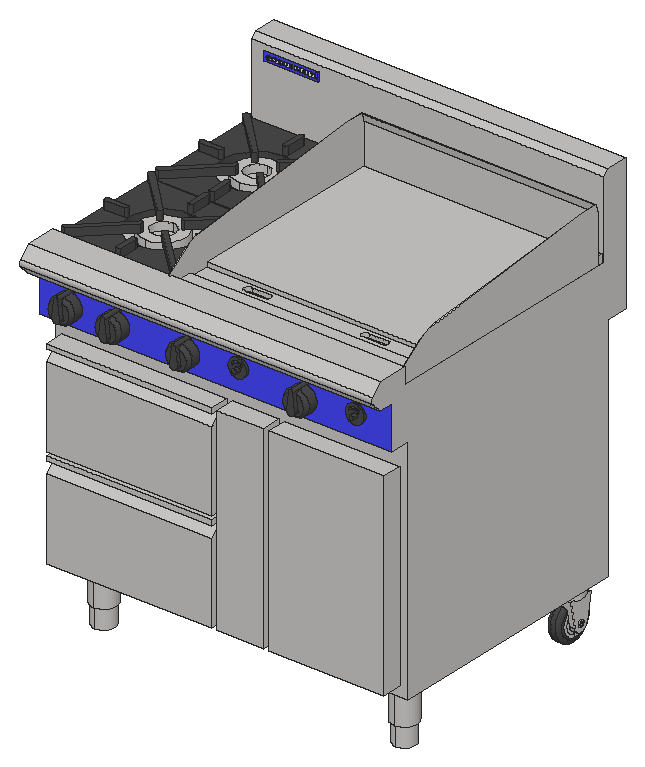
Revit family "QF_MOFFAT_BLUESEAL_CE_G516B-RB", category Specialty Equipment, Revit 2012
Parameters
  Weight in Pounds = 396  # constant formula
  Width [instance] = 900.00 mm  # constant formula
  Watts = 250 W
  Volts = 230 V
  URL Cutsheet = "www.moffat.com"
  URL = "www.moffat.com"
  Type Mark [instance] = ""
  Status [instance] = ""
  Specification by User [instance] = ""
  Specification by Manufacturer = ""
  Show Logo [instance] = yes
  Show Door [instance] = no
  Show Clearance [instance] = yes
  Show Casters [instance] = yes
  Serial Number = ""
  Seismic Rating = ""
  SMACNA No = ""
  Revision Code [instance] = ""
  Refrigerant Type = "R134a"
  Phase = 1
  Omniclass Number and Title = ""
  Number of Poles = 1
  NAFEM Spec ID Number = ""
  Model = "G516B-RB"
  Min Ckt Ampacity = 0 A
  Mechanical Remarks = ""
  Mechanical Connection Type = ""
  Max Overcurrent Protection = 0 A
  Masterspec = ""
  Manufacturer = "MOFFAT BLUESEAL"
  Legs [instance] = not(Show Casters)  # no
  Item Number [instance] = ""
  Installed By [instance] = ""
  Identify Quantity as Lot [instance] = yes
  HP = ""
  Gas Size = 3/4"
  Gas RI Height = 0.00 mm
  Gas KW = 26.6
  Gas Input = 90990.0 Btu/h
  Gas Connection Height = 0.00 mm
  Furnished By [instance] = ""
  Foodservice Equipment Identifier [instance] = yes
  FL Amps = 1.8 A
  Elec Conn RI Height = 0.00 mm
  Elec Conn Connection Height = 0.00 mm
  Drawer Clearance [instance] = and(Show Clearance, and(Drawer))  # yes
  Drawer [instance] = not(Show Door)  # yes
  Door Clearance [instance] = and(Show Clearance, and(Show Door))  # no
  Description = "900MM GAS COOK TOP ON REFRIGERATED BASE"
  Depth [instance] = 812.00 mm  # constant formula
  Cycle = 50 Hz
  Conn Plug = ""
  Conn Conduit = yes
  CSI MasterFormat = ""
  CSI Master Format = ""
  Back Splash [instance] = 215.00 mm  # constant formula
  Apparent Power = if(Phase = 3, Volts * FL Amps * 1.73, Volts * FL Amps)  # 414 VA
Reference planes
  plane 1 "BACK": y = 0
  plane 2: z = 0
  plane 3 "LEFT": x = 0
  plane 4 "RIGHT": x = 900
  plane 5 "FRONT": y = -812
  plane 6 "TOP": z = 970
  plane 7 "Center Y": x = 450
  plane 8 "Center X": y = -406
  plane 9 "Base Height": z = 150
  plane 10: z = 915
  plane 11: x = 65
  plane 12: x = 834
  plane 13: y = -625
  plane 14: x = 770
  plane 15: z = 655
  plane 16: y = -32
  plane 17: x = 617
  plane 18: z = 402
  plane 19: z = 1085
  plane 20: y = -100
Forms (mm)
  Extrusion 1, solid, material "QF_Finishes_Stainless Steel"
    sketch origin (0, 0, 0) x (0, 1, 0) y (0, 0, 1)
      loop
        line (-697, 150) -> (-57, 150) -> (-57, 740) -> (0, 740) -> (0, 1085) -> (-57.5, 1085) -> (-70, 1072.5) -> (-70, 875) -> (-705, 875) -> (-705, 915) -> (-783.97, 915) -> (-808.485, 890.485)
        arc (-808.485, 890.485) -> (-811.999, 882) -> (-808.485, 873.515) r 12
        line (-808.485, 873.515) -> (-784.97, 850) -> (-749, 850) -> (-749, 740) -> (-697, 740) -> (-697, 150)
    from 0 to 900
  Revolve 2, solid, material "QF_Finishes_Stainless Steel", visible <- "Legs"
    sketch origin (834, -210, 0) x (0, 1, 0) y (0, 0, -1)
      loop
        line (78.25, -150) -> (110, -150) -> (110, 0) -> (82.5, 0) -> (82.5, -50) -> (78.25, -50) -> (78.25, -150)
      axis (110, -150) -> (110, 0)
    angle from 0 to 360
  Revolve 3, solid, material "QF_Finishes_Stainless Steel"
    sketch origin (834, -735, 0) x (0, 1, 0) y (0, 0, -1)
      loop
        line (78.25, -150) -> (110, -150) -> (110, 0) -> (82.5, 0) -> (82.5, -50) -> (78.25, -50) -> (78.25, -150)
      axis (110, -150) -> (110, 0)
    angle from 0 to 360
  Revolve 4, solid, material "QF_Finishes_Stainless Steel", visible <- "Legs"
    sketch origin (65, -210, 0) x (0, 1, 0) y (0, 0, -1)
      loop
        line (78.25, -150) -> (110, -150) -> (110, 0) -> (82.5, 0) -> (82.5, -50) -> (78.25, -50) -> (78.25, -150)
      axis (110, -150) -> (110, 0)
    angle from 0 to 360
  Revolve 5, solid, material "QF_Finishes_Stainless Steel"
    sketch origin (65, -735, 0) x (0, 1, 0) y (0, 0, -1)
      loop
        line (78.25, -150) -> (110, -150) -> (110, 0) -> (82.5, 0) -> (82.5, -50) -> (78.25, -50) -> (78.25, -150)
      axis (110, -150) -> (110, 0)
    angle from 0 to 360
  Revolve 6, solid, material "QF_Finishes_Black"
    sketch origin (89.687, 0, 599.987) x (0, 1, 0) y (0, 0, -1)
      loop
        line (-789, -229.5) -> (-766, -229.5) -> (-766, -202) -> (-756, -202) -> (-756, -197) -> (-800, -197) -> (-800, -223.651) -> (-789, -229.5)
      axis (-800, -197) -> (-756, -197)
    angle from 0 to 360
  Extrusion 7, solid, material "QF_Finishes_Black"
    sketch origin (227.957, 0, 600.145) x (-1, 0, 0) y (0, 0, -1)
      loop
        line (127.85, -186.037) -> (133.271, -228.955)
        arc (133.271, -228.955) -> (138.27, -233.842) -> (143.268, -228.955) r 5
        line (143.268, -228.955) -> (148.757, -184.87)
        arc (148.757, -184.87) -> (137.685, -174.371) -> (127.85, -186.037) r 10.487
    from 759 to 808
  Extrusion 8, solid, material "QF_Finishes_Stainless Steel"
    sketch origin (0, -699, 685) x (1, 0, 0) y (0, -1, 0)
      loop
        circle (770, -667) r 13.5
    from -55 to 30
  Extrusion 9, solid, material "QF_Finishes_Stainless Steel"
    sketch origin (0, -57, 685) x (0, 0, 1) y (1, 0, 0)
      loop
        circle (-265, 620) r 13.5
    from 0 to 3.18
  Revolve 10, solid, material "QF_Finishes_Stainless Steel", visible <- "Show Casters"
    sketch origin (485.423, -100.755, -12.798) x (1, 0, 0) y (0, 0, 1)
      loop
        line (314.841, 63.604) -> (383.584, 63.604) -> (383.584, 67.109) -> (382.314, 68.379) -> (380.79, 68.379) -> (380.79, 71.826) -> (368.644, 71.826) -> (368.644, 81.79) -> (365.088, 83.843) -> (363.738, 92.179) -> (365.881, 92.179) -> (365.881, 98.529) -> (365.088, 98.529) -> (365.088, 104.879)
        arc (365.088, 104.879) -> (362.298, 111.614) -> (355.563, 114.404) r 9.525
        line (355.563, 114.404) -> (342.863, 114.404)
        arc (342.863, 114.404) -> (336.127, 111.614) -> (333.338, 104.879) r 9.525
        line (333.338, 104.879) -> (333.338, 98.529) -> (332.544, 98.529) -> (332.544, 92.179) -> (334.687, 92.179) -> (333.352, 83.932) -> (329.782, 81.871) -> (329.782, 71.826) -> (317.635, 71.826) -> (317.635, 68.379) -> (316.111, 68.379) -> (314.841, 67.109) -> (314.841, 63.604)
      axis (314.841, 63.604) -> (383.584, 63.604)
    angle from 0 to 360
  Extrusion 11, solid, material "QF_Finishes_Stainless Steel", visible <- "Show Casters"
    sketch origin (841.147, 132.353, -9.137) x (0, 1, 0) y (0, 0, 1)
      loop
        line (-200.603, 118.783) -> (-264.103, 118.783) -> (-251.746, 53.895)
        arc (-251.746, 53.895) -> (-232.353, 38.783) -> (-212.959, 53.895) r 20
        line (-212.959, 53.895) -> (-200.603, 118.783)
    from -35.667 to 22.923
  Revolve 12, solid, material "QF_Finishes_Stainless Steel", visible <- "Show Casters"
    sketch origin (834.646, -204, -0.354) x (0, 1, 0) y (0, 0, 1)
      loop
        line (68.25, 150) -> (68.25, 110) -> (104, 110) -> (104, 150) -> (68.25, 150)
      axis (104, 150) -> (104, 110)
    angle from 0 to 360
  Revolve 13, solid, material "QF_Finishes_Stainless Steel", visible <- "Show Casters"
    sketch origin (-283.577, -100.755, -12.798) x (1, 0, 0) y (0, 0, 1)
      loop
        line (314.841, 63.604) -> (383.584, 63.604) -> (383.584, 67.109) -> (382.314, 68.379) -> (380.79, 68.379) -> (380.79, 71.826) -> (368.644, 71.826) -> (368.644, 81.79) -> (365.088, 83.843) -> (363.738, 92.179) -> (365.881, 92.179) -> (365.881, 98.529) -> (365.088, 98.529) -> (365.088, 104.879)
        arc (365.088, 104.879) -> (362.298, 111.614) -> (355.563, 114.404) r 9.525
        line (355.563, 114.404) -> (342.863, 114.404)
        arc (342.863, 114.404) -> (336.127, 111.614) -> (333.338, 104.879) r 9.525
        line (333.338, 104.879) -> (333.338, 98.529) -> (332.544, 98.529) -> (332.544, 92.179) -> (334.687, 92.179) -> (333.352, 83.932) -> (329.782, 81.871) -> (329.782, 71.826) -> (317.635, 71.826) -> (317.635, 68.379) -> (316.111, 68.379) -> (314.841, 67.109) -> (314.841, 63.604)
      axis (314.841, 63.604) -> (383.584, 63.604)
    angle from 0 to 360
  Extrusion 14, solid, material "QF_Finishes_Stainless Steel", visible <- "Show Casters"
    sketch origin (72.147, 132.353, -9.137) x (0, 1, 0) y (0, 0, 1)
      loop
        line (-200.603, 118.783) -> (-264.103, 118.783) -> (-251.746, 53.895)
        arc (-251.746, 53.895) -> (-232.353, 38.783) -> (-212.959, 53.895) r 20
        line (-212.959, 53.895) -> (-200.603, 118.783)
    from -35.667 to 22.923
  Revolve 15, solid, material "QF_Finishes_Stainless Steel", visible <- "Show Casters"
    sketch origin (65.646, -204, -0.354) x (0, 1, 0) y (0, 0, 1)
      loop
        line (68.25, 150) -> (68.25, 110) -> (104, 110) -> (104, 150) -> (68.25, 150)
      axis (104, 150) -> (104, 110)
    angle from 0 to 360
  Revolve 16, solid, material "QF_Finishes_Black"
    sketch origin (210, 0, 600) x (0, 1, 0) y (0, 0, -1)
      loop
        line (-789, -229.5) -> (-766, -229.5) -> (-766, -202) -> (-756, -202) -> (-756, -197) -> (-800, -197) -> (-800, -223.651) -> (-789, -229.5)
      axis (-800, -197) -> (-756, -197)
    angle from 0 to 360
  Extrusion 17, solid, material "QF_Finishes_Black"
    sketch origin (348.27, 0, 600.158) x (-1, 0, 0) y (0, 0, -1)
      loop
        line (127.85, -186.037) -> (133.271, -228.955)
        arc (133.271, -228.955) -> (138.27, -233.842) -> (143.268, -228.955) r 5
        line (143.268, -228.955) -> (148.757, -184.87)
        arc (148.757, -184.87) -> (137.685, -174.371) -> (127.85, -186.037) r 10.487
    from 759 to 808
  Revolve 18, solid, material "QF_Finishes_Black"
    sketch origin (389.769, 0, 600) x (0, 1, 0) y (0, 0, -1)
      loop
        line (-789, -229.5) -> (-766, -229.5) -> (-766, -202) -> (-756, -202) -> (-756, -197) -> (-800, -197) -> (-800, -223.651) -> (-789, -229.5)
      axis (-800, -197) -> (-756, -197)
    angle from 0 to 360
  Extrusion 19, solid, material "QF_Finishes_Black"
    sketch origin (528.038, 0, 600.158) x (-1, 0, 0) y (0, 0, -1)
      loop
        line (127.85, -186.037) -> (133.271, -228.955)
        arc (133.271, -228.955) -> (138.27, -233.842) -> (143.268, -228.955) r 5
        line (143.268, -228.955) -> (148.757, -184.87)
        arc (148.757, -184.87) -> (137.685, -174.371) -> (127.85, -186.037) r 10.487
    from 759 to 808
  Revolve 20, solid, material "QF_Finishes_Black"
    sketch origin (689.769, 0, 600) x (0, 1, 0) y (0, 0, -1)
      loop
        line (-789, -229.5) -> (-766, -229.5) -> (-766, -202) -> (-756, -202) -> (-756, -197) -> (-800, -197) -> (-800, -223.651) -> (-789, -229.5)
      axis (-800, -197) -> (-756, -197)
    angle from 0 to 360
  Extrusion 21, solid, material "QF_Finishes_Black"
    sketch origin (828.038, 0, 600.158) x (-1, 0, 0) y (0, 0, -1)
      loop
        line (127.85, -186.037) -> (133.271, -228.955)
        arc (133.271, -228.955) -> (138.27, -233.842) -> (143.268, -228.955) r 5
        line (143.268, -228.955) -> (148.757, -184.87)
        arc (148.757, -184.87) -> (137.685, -174.371) -> (127.85, -186.037) r 10.487
    from 759 to 808
  Extrusion 22, solid, material "QF_Finishes_Black"
    sketch origin (0, -749, 866) x (0, 0, -1) y (1, 0, 0)
      loop
        circle (69, 510) r 23.9
      loop
        arc (57.701, 524.079) -> (51.116, 509.341) -> (58.919, 495.209) r 18.095
        arc (58.919, 495.209) -> (63.641, 496.491) -> (62.326, 501.204) r 3.448
        arc (62.326, 501.204) -> (58.758, 509.683) -> (61.641, 518.419) r 13.109
        arc (61.641, 518.419) -> (62.501, 523.219) -> (57.701, 524.079) r 3.448
      loop
        circle (69, 810) r 23.9
      loop
        arc (57.701, 824.079) -> (51.116, 809.341) -> (58.919, 795.209) r 18.095
        arc (58.919, 795.209) -> (63.641, 796.491) -> (62.326, 801.204) r 3.448
        arc (62.326, 801.204) -> (58.758, 809.683) -> (61.641, 818.419) r 13.109
        arc (61.641, 818.419) -> (62.501, 823.219) -> (57.701, 824.079) r 3.448
    from 0 to 5
  Extrusion 23, solid, material "QF_Finishes_Black"
    sketch origin (0, -754, 866) x (0, 0, -1) y (1, 0, 0)
      loop
        circle (72.5, 510) r 5.75
      loop
        circle (72.5, 810) r 5.75
    from 0 to 10
  Extrusion 24, solid, material "QF_Finishes_Stainless Steel"
    sketch origin (0, 0, 0) x (0, 1, 0) y (0, 0, 1)
      loop
        line (-699, 678) -> (-747, 678) -> (-747, 665) -> (-715.13, 665) -> (-749, 636.579) -> (-749, 431) -> (-699, 431) -> (-699, 678)
      loop
        line (-749, 175) -> (-699, 175) -> (-699, 421) -> (-747, 421) -> (-747, 408) -> (-715.13, 408) -> (-749, 379.579) -> (-749, 175)
    from 17.986 to 440
  Extrusion 25, solid, material "QF_Finishes_Stainless Steel"
    sketch origin (723.5, 0, 0) x (0, 1, 0) y (0, 0, 1)
      loop
        line (-699, 678) -> (-749, 678) -> (-749, 175) -> (-699, 175) -> (-699, 678)
    from -270.5 to -150.5
  Extrusion 26, solid, material "QF_Door-Drawer Clearances", visible <- "Show Clearance", detail levels coarse
    sketch origin (0, -749, 676) x (0, 0, -1) y (1, 0, 0)
      loop
        line (501, 440) -> (255, 440) -> (255, 17.986) -> (501, 17.986) -> (501, 440)
      loop
        line (245, 440) -> (-2, 440) -> (-2, 17.986) -> (245, 17.986) -> (245, 440)
    from 0 to 304.8
  Extrusion 27, solid, material "QF_Finishes_Stainless Steel"
    sketch origin (1031.5, 0, 0) x (0, 1, 0) y (0, 0, 1)
      loop
        line (-699, 678) -> (-749, 678) -> (-749, 175) -> (-699, 175) -> (-699, 678)
    from -444.5 to -150.5
Lines and regions (mm)
  Split face 1
    outline origin (0, 612.322, 1085) x (0, -1, 0) y (1, 0, 0)
      loop
        arc (657.707, 566) -> (652.707, 574.66) -> (642.707, 574.66) r 10
        line (642.707, 574.66) -> (635.707, 570.619)
        arc (635.707, 570.619) -> (632.047, 566.959) -> (630.707, 561.959) r 10
        line (630.707, 561.959) -> (630.707, 334)
        arc (630.707, 334) -> (635.707, 325.34) -> (645.707, 325.34) r 10
        line (645.707, 325.34) -> (652.707, 329.381)
        arc (652.707, 329.381) -> (656.368, 333.041) -> (657.707, 338.041) r 10
        line (657.707, 338.041) -> (657.707, 566)
  Split face 2
    outline origin (0, 612.322, 1085) x (0, -1, 0) y (1, 0, 0)
      loop
        arc (630.707, 624) -> (635.707, 615.34) -> (645.707, 615.34) r 10
        line (645.707, 615.34) -> (652.707, 619.381)
        arc (652.707, 619.381) -> (656.368, 623.041) -> (657.707, 628.041) r 10
        line (657.707, 628.041) -> (657.707, 856)
        arc (657.707, 856) -> (652.707, 864.66) -> (642.707, 864.66) r 10
        line (642.707, 864.66) -> (635.707, 860.619)
        arc (635.707, 860.619) -> (632.047, 856.959) -> (630.707, 851.959) r 10
        line (630.707, 851.959) -> (630.707, 624)
  Split face 3
    outline origin (0, 612.322, 1085) x (0, -1, 0) y (1, 0, 0)
      loop
        arc (657.707, 276) -> (652.707, 284.66) -> (642.707, 284.66) r 10
        line (642.707, 284.66) -> (635.707, 280.619)
        arc (635.707, 280.619) -> (632.047, 276.959) -> (630.707, 271.959) r 10
        line (630.707, 271.959) -> (630.707, 44)
        arc (630.707, 44) -> (635.707, 35.34) -> (645.707, 35.34) r 10
        line (645.707, 35.34) -> (652.707, 39.381)
        arc (652.707, 39.381) -> (656.368, 43.041) -> (657.707, 48.041) r 10
        line (657.707, 48.041) -> (657.707, 276)
  Split face 4
    outline origin (1031.5, -749, 676) x (0, 0, -1) y (1, 0, 0)
      loop
        line (291.62, -416.534) -> (481.62, -416.534) -> (481.62, -181.534) -> (291.62, -181.534) -> (291.62, -416.534)
  Split face 5
    outline origin (1031.5, -749, 931) x (0, 0, -1) y (1, 0, 0)
      loop
        line (291.62, -416.534) -> (356.62, -416.534) -> (356.62, -181.534) -> (291.62, -181.534) -> (291.62, -416.534)
  Split face 6
    outline origin (1031.5, -749, 807.725) x (0, 0, -1) y (1, 0, 0)
      loop
        line (307.841, -274.649) -> (342.841, -274.649) -> (342.841, -219.649) -> (307.841, -219.649) -> (307.841, -274.649)
  Split face 7
    outline origin (939.097, -749, 808.536) x (0, 0, -1) y (1, 0, 0)
      loop
        line (307.841, -274.649) -> (342.841, -274.649) -> (342.841, -239.649) -> (307.841, -239.649) -> (307.841, -274.649)
  symbolic lines
    curve 1: line (0, 0, 0) -> (0, -812, 0)
    curve 2: line (900, 0, 0) -> (0, 0, 0)
    curve 3: line (900, -812, 0) -> (900, 0, 0)
    curve 4: line (0, -812, 0) -> (900, -812, 0)
    curve 13: line (0, -783.97, 0) -> (900, -783.97, 0)
    curve 14: line (0, -70, 0) -> (900, -70, 0)
    curve 15: line (334, -18.385, 0) -> (561.959, -18.385, 0)
    curve 16: arc (561.959, -18.385, 0) -> (566.959, -19.725, 0) -> (570.619, -23.385, 0) r 10
    curve 17: line (570.619, -23.385, 0) -> (574.66, -30.385, 0)
    curve 18: arc (574.66, -30.385, 0) -> (574.66, -40.385, 0) -> (566, -45.385, 0) r 10
    curve 19: line (566, -45.385, 0) -> (338.041, -45.385, 0)
    curve 20: arc (338.041, -45.385, 0) -> (333.041, -44.045, 0) -> (329.381, -40.385, 0) r 10
    curve 21: line (329.381, -40.385, 0) -> (325.34, -33.385, 0)
    curve 22: arc (325.34, -33.385, 0) -> (325.34, -23.385, 0) -> (334, -18.385, 0) r 10
    curve 23: line (44, -18.385, 0) -> (271.959, -18.385, 0)
    curve 24: arc (271.959, -18.385, 0) -> (276.959, -19.725, 0) -> (280.619, -23.385, 0) r 10
    curve 25: line (280.619, -23.385, 0) -> (284.66, -30.385, 0)
    curve 26: arc (284.66, -30.385, 0) -> (284.66, -40.385, 0) -> (276, -45.385, 0) r 10
    curve 27: line (276, -45.385, 0) -> (48.041, -45.385, 0)
    curve 28: arc (48.041, -45.385, 0) -> (43.041, -44.045, 0) -> (39.381, -40.385, 0) r 10
    curve 29: line (39.381, -40.385, 0) -> (35.34, -33.385, 0)
    curve 30: arc (35.34, -33.385, 0) -> (35.34, -23.385, 0) -> (44, -18.385, 0) r 10
    curve 31: line (624, -18.385, 0) -> (851.959, -18.385, 0)
    curve 32: arc (851.959, -18.385, 0) -> (856.959, -19.725, 0) -> (860.619, -23.385, 0) r 10
    curve 33: line (860.619, -23.385, 0) -> (864.66, -30.385, 0)
    curve 34: arc (864.66, -30.385, 0) -> (864.66, -40.385, 0) -> (856, -45.385, 0) r 10
    curve 35: line (856, -45.385, 0) -> (628.041, -45.385, 0)
    curve 36: arc (628.041, -45.385, 0) -> (623.041, -44.045, 0) -> (619.381, -40.385, 0) r 10
    curve 37: line (619.381, -40.385, 0) -> (615.34, -33.385, 0)
    curve 38: arc (615.34, -33.385, 0) -> (615.34, -23.385, 0) -> (624, -18.385, 0) r 10
    curve 39: line (0, -57.5, 0) -> (900, -57.5, 0)
  symbolic lines, style "SpecialityEquipmentHiddenLines", visible <- "Show Casters"
    curve 5: line (875.952, -62.61, 0) -> (825.152, -150.598, 0)
    curve 6: line (848.456, -46.735, 0) -> (875.952, -62.61, 0)
    curve 7: line (797.656, -134.723, 0) -> (848.456, -46.735, 0)
    curve 8: line (825.152, -150.598, 0) -> (797.656, -134.723, 0)
    curve 9: line (106.952, -62.61, 0) -> (56.152, -150.598, 0)
    curve 10: line (79.456, -46.735, 0) -> (106.952, -62.61, 0)
    curve 11: line (28.656, -134.723, 0) -> (79.456, -46.735, 0)
    curve 12: line (56.152, -150.598, 0) -> (28.656, -134.723, 0)
  symbolic lines, style "QF_Door-Drawer Clearances"
    curve 40: line (17.986, -1053.8, 0) -> (440, -1053.8, 0)
    curve 41: line (440, -1053.8, 0) -> (440, -812, 0)
    curve 42: line (17.986, -1053.8, 0) -> (17.986, -812, 0)
Dimensions and locks
  equal spacing: plane 3 "LEFT", plane 7 "Center Y", plane 4 "RIGHT"
  "Width": plane 3 "LEFT" to plane 4 "RIGHT"
  equal spacing: plane 5 "FRONT", plane 8 "Center X", plane 1 "BACK"
  "Depth": plane 5 "FRONT" to plane 1 "BACK"
  locked: plane 10 to level at 915
  locked: plane 9 "Base Height" to level at 150
  plane 6 "TOP" to plane 10 = 55.00 mm
  plane 12 to plane 11 = 769.00 mm
  plane 6 "TOP" to level = 970.00 mm
  plane 14 to plane 4 "RIGHT" = 130.00 mm
  plane 15 to level = 655.00 mm
  plane 16 to plane 1 "BACK" = 32.00 mm
  plane 17 to plane 4 "RIGHT" = 283.00 mm
  plane 18 to level = 402.00 mm
  plane 19 to plane 2 = 1085.00 mm
  Revolve 10 sketch curve to Revolve 10 sketch curve = 50.80 mm
  Revolve 13 sketch curve to Revolve 13 sketch curve = 50.80 mm
  plane 2 to Extrusion 9 sketch curve = 420.00 mm
  aligned and locked: level to plane 2
Automatic sketch dimensions
  curve 1 to plane 3 "LEFT" = 0.00 mm
  plane 1 "BACK" to curve 3 = 0.00 mm
  curve 3 to plane 4 "RIGHT" = 0.00 mm
  plane 3 "LEFT" to curve 11 = 28.656 mm
  curve 30 to plane 16 = 1.385 mm
  curve 30 to plane 11 = 29.66 mm
  curve 30 to curve 28 = 4.041 mm
  plane 16 to curve 30 = 13.615 mm
  curve 30 to curve 30 = 8.66 mm
  curve 28 to curve 28 = 8.66 mm
  curve 9 to plane 11 = 8.848 mm
  plane 11 to curve 11 = 14.456 mm
  curve 9 to curve 23 = 165.007 mm
  curve 24 to curve 27 = 4.041 mm
  plane 16 to curve 25 = 8.615 mm
  curve 23 to curve 25 = 8.66 mm
  plane 16 to curve 26 = 1.615 mm
  curve 25 to curve 26 = 4.041 mm
  curve 22 to plane 16 = 1.385 mm
  curve 25 to curve 22 = 40.679 mm
  curve 21 to plane 16 = 8.385 mm
  curve 21 to curve 21 = 4.041 mm
  plane 16 to curve 22 = 13.615 mm
  curve 22 to curve 22 = 8.66 mm
  curve 20 to plane 16 = 3.385 mm
  curve 22 to curve 20 = 4.041 mm
  plane 16 to curve 16 = 3.615 mm
  curve 16 to plane 17 = 55.041 mm
  curve 16 to curve 19 = 4.041 mm
  plane 16 to curve 16 = 8.615 mm
  plane 16 to curve 18 = 1.615 mm
  curve 16 to curve 18 = 4.041 mm
  curve 37 to plane 17 = 1.66 mm
  plane 17 to curve 37 = 2.381 mm
  plane 17 to curve 38 = 7.00 mm
  curve 36 to plane 16 = 3.385 mm
  curve 38 to curve 36 = 4.041 mm
  plane 14 to curve 7 = 27.656 mm
  plane 12 to curve 8 = 8.848 mm
  curve 6 to plane 12 = 14.456 mm
  curve 32 to plane 12 = 17.959 mm
  curve 6 to curve 35 = 7.544 mm
  plane 16 to curve 33 = 8.615 mm
  curve 32 to curve 33 = 8.66 mm
  plane 16 to curve 33 = 1.615 mm
  curve 32 to curve 33 = 4.041 mm
  curve 13 to plane 5 "FRONT" = 28.03 mm
  plane 20 to curve 8 = 50.598 mm
  plane 20 to curve 9 = 50.598 mm
  curve 9 to curve 11 = 15.875 mm
  curve 5 to curve 7 = 15.875 mm
  curve 14 to curve 5 = 7.39 mm
  curve 14 to curve 39 = 12.50 mm
  curve 6 to curve 35 = 1.35 mm
  curve 28 to plane 16 = 13.385 mm
  curve 28 to curve 30 = 7.00 mm
  curve 38 to plane 16 = 1.385 mm
  plane 16 to curve 38 = 3.615 mm
  Extrusion 1 sketch curve to plane 10 = 0.00 mm
  Extrusion 1 sketch curve to plane 9 "Base Height" = 0.00 mm
  Extrusion 1 sketch curve to plane 19 = 0.00 mm
  Extrusion 1 sketch curve to plane 1 "BACK" = 0.00 mm
  Extrusion 1 sketch curve to plane 16 = 25.00 mm
  Extrusion 1 sketch curve to plane 16 = 25.50 mm
  Extrusion 1 sketch curve to plane 20 = 30.00 mm
  Extrusion 1 sketch curve to plane 13 = 72.00 mm
  Extrusion 1 sketch curve to plane 13 = 80.00 mm
  Extrusion 1 sketch curve to Extrusion 1 sketch curve = 44.00 mm
  Extrusion 1 sketch curve to plane 5 "FRONT" = 28.03 mm
  Extrusion 1 sketch curve to plane 5 "FRONT" = 27.03 mm
  Extrusion 1 sketch curve to plane 5 "FRONT" = 12.001 mm
  Extrusion 1 sketch curve to plane 5 "FRONT" = 3.515 mm  (x2)
  plane 15 to Extrusion 1 sketch curve = 85.00 mm  (x2)
  Extrusion 1 sketch curve to plane 10 = 65.00 mm
  Extrusion 1 sketch curve to Extrusion 1 sketch curve = 23.515 mm
  Extrusion 1 sketch curve to Extrusion 1 sketch curve = 40.00 mm
  Extrusion 1 sketch curve to Extrusion 1 sketch curve = 8.485 mm
  Extrusion 1 sketch curve to plane 19 = 12.50 mm
  Revolve 2 sketch curve to plane 9 "Base Height" = 0.00 mm
  Revolve 2 sketch curve to level = 0.00 mm
  Revolve 2 sketch curve to plane 20 = 0.00 mm  (x2)
  plane 20 to Revolve 2 sketch curve = 27.50 mm
  plane 20 to Revolve 2 sketch curve = 31.75 mm
  level to Revolve 2 sketch curve = 50.00 mm
  Revolve 2 sketch curve to Revolve 2 sketch curve = 0.00 mm
  Revolve 2 sketch curve to Revolve 2 sketch curve = 55.00 mm
  Revolve 3 sketch curve to plane 9 "Base Height" = 0.00 mm
  Revolve 3 sketch curve to level = 0.00 mm
  Revolve 3 sketch curve to plane 13 = 0.00 mm  (x2)
  Revolve 3 sketch curve to plane 13 = 27.50 mm
  Revolve 3 sketch curve to plane 13 = 31.75 mm
  level to Revolve 3 sketch curve = 50.00 mm
  Revolve 3 sketch curve to Revolve 3 sketch curve = 0.00 mm
  Revolve 3 sketch curve to Revolve 3 sketch curve = 55.00 mm
  Revolve 4 sketch curve to plane 9 "Base Height" = 0.00 mm
  Revolve 4 sketch curve to level = 0.00 mm
  Revolve 4 sketch curve to plane 20 = 0.00 mm  (x2)
  plane 20 to Revolve 4 sketch curve = 27.50 mm
  plane 20 to Revolve 4 sketch curve = 31.75 mm
  level to Revolve 4 sketch curve = 50.00 mm
  Revolve 4 sketch curve to Revolve 4 sketch curve = 0.00 mm
  Revolve 4 sketch curve to Revolve 4 sketch curve = 55.00 mm
  Revolve 5 sketch curve to plane 9 "Base Height" = 0.00 mm
  Revolve 5 sketch curve to level = 0.00 mm
  Revolve 5 sketch curve to plane 13 = 0.00 mm  (x2)
  Revolve 5 sketch curve to plane 13 = 27.50 mm
  Revolve 5 sketch curve to plane 13 = 31.75 mm
  level to Revolve 5 sketch curve = 50.00 mm
  Revolve 5 sketch curve to Revolve 5 sketch curve = 0.00 mm
  Revolve 5 sketch curve to Revolve 5 sketch curve = 55.00 mm
  Revolve 6 sketch curve to plane 5 "FRONT" = 12.00 mm
  Revolve 6 sketch curve to Revolve 6 sketch curve = 0.00 mm  (x2)
  Revolve 6 sketch curve to Revolve 6 sketch curve = 11.00 mm
  Revolve 6 sketch curve to Revolve 6 sketch curve = 12.70 mm
  Revolve 6 sketch curve to Revolve 6 sketch curve = 23.00 mm
  Revolve 6 sketch curve to Revolve 6 sketch curve = 10.00 mm
  Revolve 6 sketch curve to plane 10 = 85.513 mm
  Revolve 6 sketch curve to Revolve 6 sketch curve = 5.849 mm
  Revolve 6 sketch curve to Revolve 6 sketch curve = 27.50 mm
  Revolve 6 sketch curve to Revolve 6 sketch curve = 5.00 mm
  plane 11 to Extrusion 7 sketch curve = 35.106 mm
  plane 11 to Extrusion 7 sketch curve = 29.686 mm
  Extrusion 7 sketch curve to Extrusion 7 sketch curve = 10.419 mm
  Extrusion 7 sketch curve to Extrusion 7 sketch curve = 4.999 mm  (x2)
  Extrusion 7 sketch curve to Extrusion 7 sketch curve = 10.487 mm
  Extrusion 7 sketch curve to plane 10 = 85.899 mm
  Extrusion 7 sketch curve to Extrusion 7 sketch curve = 0.113 mm
  Extrusion 7 sketch curve to Extrusion 7 sketch curve = 42.919 mm
  Extrusion 7 sketch curve to Extrusion 7 sketch curve = 1.167 mm
  Extrusion 8 sketch curve to plane 14 = 0.00 mm
  Extrusion 8 sketch curve to plane 16 = 0.00 mm
  Extrusion 1 to Extrusion 9 sketch curve = 280.00 mm
  plane 14 to Revolve 10 sketch curve = 30.264 mm
  Revolve 10 sketch curve to Revolve 10 sketch curve = 1.27 mm  (x4)
  Revolve 10 sketch curve to Revolve 10 sketch curve = 1.524 mm  (x2)
  Revolve 10 sketch curve to Revolve 10 sketch curve = 12.146 mm  (x2)
  plane 12 to Revolve 10 sketch curve = 16.033 mm
  Revolve 10 sketch curve to Revolve 10 sketch curve = 0.794 mm  (x2)
  Revolve 10 sketch curve to Revolve 10 sketch curve = 3.57 mm
  Revolve 10 sketch curve to Revolve 10 sketch curve = 2.143 mm
  plane 12 to Revolve 10 sketch curve = 5.715 mm
  Revolve 10 sketch curve to plane 12 = 5.776 mm
  Revolve 10 sketch curve to plane 12 = 6.985 mm
  Revolve 10 sketch curve to Revolve 10 sketch curve = 8.176 mm
  Revolve 10 sketch curve to Revolve 10 sketch curve = 1.349 mm  (x2)
  Revolve 10 sketch curve to Revolve 10 sketch curve = 3.556 mm
  Revolve 10 sketch curve to plane 4 "RIGHT" = 2.327 mm
  level to Revolve 10 sketch curve = 50.806 mm
  Revolve 10 sketch curve to Revolve 10 sketch curve = 0.00 mm
  Revolve 10 sketch curve to Revolve 10 sketch curve = 3.505 mm  (x2)
  Revolve 10 sketch curve to Revolve 10 sketch curve = 3.447 mm  (x2)
  Revolve 10 sketch curve to Revolve 10 sketch curve = 9.964 mm
  Revolve 10 sketch curve to Revolve 10 sketch curve = 10.045 mm
  Revolve 10 sketch curve to Revolve 10 sketch curve = 2.053 mm
  Revolve 10 sketch curve to Revolve 10 sketch curve = 2.061 mm
  Revolve 10 sketch curve to Revolve 10 sketch curve = 8.247 mm
  Revolve 10 sketch curve to Revolve 10 sketch curve = 8.336 mm
  Revolve 10 sketch curve to Revolve 10 sketch curve = 6.35 mm  (x2)
  Extrusion 11 sketch curve to plane 20 = 0.00 mm
  plane 20 to Extrusion 11 sketch curve = 19.393 mm
  plane 20 to Extrusion 11 sketch curve = 31.75 mm
  Extrusion 11 sketch curve to plane 20 = 19.393 mm
  Extrusion 11 sketch curve to plane 20 = 31.75 mm
  level to Extrusion 11 sketch curve = 44.758 mm
  Extrusion 11 sketch curve to Extrusion 11 sketch curve = 4.889 mm
  Extrusion 11 sketch curve to plane 9 "Base Height" = 40.354 mm
  Revolve 12 sketch curve to plane 20 = 0.00 mm  (x2)
  Revolve 12 sketch curve to plane 9 "Base Height" = 0.354 mm
  Revolve 12 sketch curve to Revolve 12 sketch curve = 35.75 mm
  Revolve 12 sketch curve to Revolve 12 sketch curve = 40.00 mm
  level to Revolve 12 sketch curve = 49.646 mm
  Revolve 12 sketch curve to level = 55.354 mm
  plane 3 "LEFT" to Revolve 13 sketch curve = 31.264 mm
  Revolve 13 sketch curve to Revolve 13 sketch curve = 1.27 mm  (x4)
  Revolve 13 sketch curve to Revolve 13 sketch curve = 1.524 mm  (x2)
  Revolve 13 sketch curve to Revolve 13 sketch curve = 12.146 mm  (x2)
  Revolve 13 sketch curve to plane 11 = 16.033 mm
  Revolve 13 sketch curve to Revolve 13 sketch curve = 0.794 mm  (x2)
  Revolve 13 sketch curve to Revolve 13 sketch curve = 3.57 mm
  Revolve 13 sketch curve to Revolve 13 sketch curve = 2.143 mm
  Revolve 13 sketch curve to plane 11 = 5.715 mm
  plane 11 to Revolve 13 sketch curve = 5.776 mm
  plane 11 to Revolve 13 sketch curve = 6.985 mm
  Revolve 13 sketch curve to Revolve 13 sketch curve = 8.176 mm
  Revolve 13 sketch curve to Revolve 13 sketch curve = 1.349 mm  (x2)
  Revolve 13 sketch curve to Revolve 13 sketch curve = 3.556 mm
  Revolve 13 sketch curve to Revolve 13 sketch curve = 33.32 mm
  level to Revolve 13 sketch curve = 50.806 mm
  Revolve 13 sketch curve to Revolve 13 sketch curve = 0.00 mm
  Revolve 13 sketch curve to Revolve 13 sketch curve = 3.505 mm  (x2)
  Revolve 13 sketch curve to Revolve 13 sketch curve = 3.447 mm  (x2)
  Revolve 13 sketch curve to Revolve 13 sketch curve = 9.964 mm
  Revolve 13 sketch curve to Revolve 13 sketch curve = 10.045 mm
  Revolve 13 sketch curve to Revolve 13 sketch curve = 2.053 mm
  Revolve 13 sketch curve to Revolve 13 sketch curve = 2.061 mm
  Revolve 13 sketch curve to Revolve 13 sketch curve = 8.247 mm
  Revolve 13 sketch curve to Revolve 13 sketch curve = 8.336 mm
  Revolve 13 sketch curve to Revolve 13 sketch curve = 6.35 mm  (x2)
  Extrusion 14 sketch curve to plane 20 = 0.00 mm
  plane 20 to Extrusion 14 sketch curve = 19.393 mm
  plane 20 to Extrusion 14 sketch curve = 31.75 mm
  Extrusion 14 sketch curve to plane 20 = 19.393 mm
  Extrusion 14 sketch curve to plane 20 = 31.75 mm
  level to Extrusion 14 sketch curve = 44.758 mm
  Extrusion 14 sketch curve to Extrusion 14 sketch curve = 4.889 mm
  Extrusion 14 sketch curve to plane 9 "Base Height" = 40.354 mm
  Revolve 15 sketch curve to plane 20 = 0.00 mm  (x2)
  Revolve 15 sketch curve to plane 9 "Base Height" = 0.354 mm
  plane 20 to Revolve 15 sketch curve = 35.75 mm
  Revolve 15 sketch curve to Revolve 15 sketch curve = 40.00 mm
  level to Revolve 15 sketch curve = 49.646 mm
  Revolve 15 sketch curve to level = 55.354 mm
  Split face 1 sketch curve to Extrusion 1 = 18.385 mm
  Split face 1 sketch curve to Split face 1 sketch curve = 5.00 mm  (x2)
  Split face 1 sketch curve to Split face 1 sketch curve = 10.00 mm  (x3)
  Split face 1 sketch curve to Split face 1 sketch curve = 7.00 mm  (x4)
  Split face 1 sketch curve to Extrusion 1 = 325.34 mm
  Split face 1 sketch curve to Split face 1 sketch curve = 4.041 mm  (x2)
  Split face 1 sketch curve to Split face 1 sketch curve = 223.917 mm
  Split face 2 sketch curve to Extrusion 1 = 18.385 mm
  Split face 2 sketch curve to Split face 2 sketch curve = 5.00 mm  (x2)
  Split face 2 sketch curve to Split face 2 sketch curve = 10.00 mm  (x3)
  Split face 2 sketch curve to Split face 2 sketch curve = 7.00 mm  (x4)
  Split face 2 sketch curve to Extrusion 1 = 284.66 mm
  Split face 2 sketch curve to Split face 2 sketch curve = 4.041 mm  (x2)
  Split face 2 sketch curve to Extrusion 1 = 48.041 mm
  Split face 3 sketch curve to Extrusion 1 = 18.385 mm
  Split face 3 sketch curve to Split face 3 sketch curve = 5.00 mm  (x2)
  Split face 3 sketch curve to Split face 3 sketch curve = 10.00 mm  (x3)
  Split face 3 sketch curve to Split face 3 sketch curve = 7.00 mm  (x4)
  Split face 3 sketch curve to Extrusion 1 = 35.34 mm
  Split face 3 sketch curve to Split face 3 sketch curve = 4.041 mm  (x2)
  Split face 3 sketch curve to Split face 3 sketch curve = 223.917 mm
  Revolve 16 sketch curve to plane 5 "FRONT" = 12.00 mm
  Revolve 16 sketch curve to Revolve 16 sketch curve = 0.00 mm  (x2)
  Revolve 16 sketch curve to Revolve 16 sketch curve = 11.00 mm
  Revolve 16 sketch curve to Revolve 16 sketch curve = 12.70 mm
  Revolve 16 sketch curve to Revolve 16 sketch curve = 23.00 mm
  Revolve 16 sketch curve to Revolve 16 sketch curve = 10.00 mm
  Revolve 16 sketch curve to plane 10 = 85.50 mm
  Revolve 16 sketch curve to Revolve 16 sketch curve = 5.849 mm
  Revolve 16 sketch curve to Revolve 16 sketch curve = 27.50 mm
  Revolve 16 sketch curve to Revolve 16 sketch curve = 5.00 mm
  plane 11 to Extrusion 17 sketch curve = 155.419 mm
  Extrusion 17 sketch curve to Extrusion 17 sketch curve = 5.421 mm
  Extrusion 17 sketch curve to Extrusion 17 sketch curve = 10.419 mm
  Extrusion 17 sketch curve to Extrusion 17 sketch curve = 4.999 mm  (x2)
  Extrusion 17 sketch curve to plane 10 = 85.887 mm
  Extrusion 17 sketch curve to Extrusion 17 sketch curve = 10.487 mm
  Extrusion 17 sketch curve to Extrusion 17 sketch curve = 0.113 mm
  Extrusion 17 sketch curve to Extrusion 17 sketch curve = 42.919 mm
  Extrusion 17 sketch curve to Extrusion 17 sketch curve = 1.167 mm
  Revolve 18 sketch curve to plane 5 "FRONT" = 12.00 mm
  Revolve 18 sketch curve to Revolve 18 sketch curve = 0.00 mm  (x2)
  Revolve 18 sketch curve to Revolve 18 sketch curve = 11.00 mm
  Revolve 18 sketch curve to Revolve 18 sketch curve = 12.70 mm
  Revolve 18 sketch curve to Revolve 18 sketch curve = 23.00 mm
  Revolve 18 sketch curve to Revolve 18 sketch curve = 10.00 mm
  Revolve 18 sketch curve to plane 10 = 85.50 mm
  Revolve 18 sketch curve to Revolve 18 sketch curve = 5.849 mm
  Revolve 18 sketch curve to Revolve 18 sketch curve = 27.50 mm
  Revolve 18 sketch curve to Revolve 18 sketch curve = 5.00 mm
  Extrusion 19 sketch curve to plane 7 "Center Y" = 49.812 mm
  Extrusion 19 sketch curve to Extrusion 19 sketch curve = 5.421 mm
  Extrusion 19 sketch curve to Extrusion 19 sketch curve = 10.419 mm
  Extrusion 19 sketch curve to Extrusion 19 sketch curve = 4.999 mm  (x2)
  Extrusion 19 sketch curve to Extrusion 19 sketch curve = 10.487 mm
  Extrusion 19 sketch curve to plane 10 = 85.887 mm
  Extrusion 19 sketch curve to Extrusion 19 sketch curve = 0.113 mm
  Extrusion 19 sketch curve to Extrusion 19 sketch curve = 42.919 mm
  Extrusion 19 sketch curve to Extrusion 19 sketch curve = 1.167 mm
  Revolve 20 sketch curve to plane 5 "FRONT" = 12.00 mm
  Revolve 20 sketch curve to Revolve 20 sketch curve = 0.00 mm  (x2)
  Revolve 20 sketch curve to Revolve 20 sketch curve = 11.00 mm
  Revolve 20 sketch curve to Revolve 20 sketch curve = 12.70 mm
  Revolve 20 sketch curve to Revolve 20 sketch curve = 23.00 mm
  Revolve 20 sketch curve to Revolve 20 sketch curve = 10.00 mm
  Revolve 20 sketch curve to plane 10 = 85.50 mm
  Revolve 20 sketch curve to Revolve 20 sketch curve = 5.849 mm
  Revolve 20 sketch curve to Revolve 20 sketch curve = 27.50 mm
  Revolve 20 sketch curve to Revolve 20 sketch curve = 5.00 mm
  Extrusion 21 sketch curve to plane 14 = 69.812 mm
  Extrusion 21 sketch curve to Extrusion 21 sketch curve = 5.421 mm
  Extrusion 21 sketch curve to Extrusion 21 sketch curve = 10.419 mm
  Extrusion 21 sketch curve to Extrusion 21 sketch curve = 4.999 mm  (x2)
  Extrusion 21 sketch curve to Extrusion 21 sketch curve = 10.487 mm
  Extrusion 21 sketch curve to plane 10 = 85.887 mm
  Extrusion 21 sketch curve to Extrusion 21 sketch curve = 0.113 mm
  Extrusion 21 sketch curve to Extrusion 21 sketch curve = 42.919 mm
  Extrusion 21 sketch curve to Extrusion 21 sketch curve = 1.167 mm
  Extrusion 22 sketch curve to Extrusion 1 = 41.701 mm  (x2)
  Extrusion 22 sketch curve to Extrusion 22 sketch curve = 1.218 mm  (x2)
  Extrusion 22 sketch curve to Extrusion 22 sketch curve = 1.97 mm  (x4)
  Extrusion 22 sketch curve to Extrusion 22 sketch curve = 1.724 mm  (x2)
  Extrusion 22 sketch curve to Extrusion 22 sketch curve = 1.683 mm  (x2)
  Extrusion 22 sketch curve to Extrusion 22 sketch curve = 6.674 mm  (x2)
  Extrusion 22 sketch curve to Extrusion 22 sketch curve = 0.195 mm  (x2)
  Extrusion 22 sketch curve to Extrusion 22 sketch curve = 2.662 mm  (x2)
  Extrusion 1 to Extrusion 22 sketch curve = 404.791 mm
  Extrusion 22 sketch curve to Extrusion 22 sketch curve = 2.986 mm  (x2)
  Extrusion 22 sketch curve to Extrusion 22 sketch curve = 8.796 mm  (x2)
  Extrusion 22 sketch curve to Extrusion 22 sketch curve = 0.103 mm  (x2)
  Extrusion 22 sketch curve to Extrusion 22 sketch curve = 0.102 mm  (x2)
  Extrusion 1 to Extrusion 22 sketch curve = 104.791 mm
  Extrusion 24 sketch curve to plane 15 = 18.421 mm
  Extrusion 24 sketch curve to plane 5 "FRONT" = 63.00 mm  (x2)
  plane 9 "Base Height" to Extrusion 24 sketch curve = 25.00 mm
  plane 18 to Extrusion 24 sketch curve = 6.00 mm
  Extrusion 24 sketch curve to Extrusion 24 sketch curve = 2.00 mm  (x2)
  plane 15 to Extrusion 24 sketch curve = 10.00 mm
  Extrusion 24 sketch curve to Extrusion 24 sketch curve = 31.87 mm  (x2)
  Extrusion 24 sketch curve to Extrusion 24 sketch curve = 50.00 mm
  Extrusion 24 sketch curve to Extrusion 24 sketch curve = 0.00 mm
  Extrusion 24 sketch curve to plane 18 = 22.421 mm
  plane 18 to Extrusion 24 sketch curve = 19.00 mm
  Extrusion 24 sketch curve to Extrusion 24 sketch curve = 10.00 mm
  Extrusion 24 sketch curve to Extrusion 24 sketch curve = 13.00 mm
  plane 9 "Base Height" to Extrusion 25 sketch curve = 25.00 mm
  Extrusion 25 sketch curve to plane 5 "FRONT" = 63.00 mm
  Extrusion 25 sketch curve to Extrusion 25 sketch curve = 50.00 mm
  plane 15 to Extrusion 25 sketch curve = 23.00 mm
  Extrusion 26 sketch curve to Extrusion 24 = 0.00 mm  (x3)
  Extrusion 24 to Extrusion 26 sketch curve = 0.00 mm  (x2)
  Extrusion 24 to Extrusion 26 sketch curve = 41.421 mm
  Extrusion 24 to Extrusion 26 sketch curve = 10.00 mm
  Extrusion 26 sketch curve to Extrusion 26 sketch curve = 246.00 mm
  plane 9 "Base Height" to Extrusion 27 sketch curve = 25.00 mm
  Extrusion 27 sketch curve to plane 5 "FRONT" = 63.00 mm
  Extrusion 27 sketch curve to Extrusion 27 sketch curve = 50.00 mm
  plane 15 to Extrusion 27 sketch curve = 23.00 mm
  Split face 4 sketch curve to Extrusion 27 = 31.034 mm
  Split face 4 sketch curve to Extrusion 27 = 209.38 mm
  Split face 4 sketch curve to Extrusion 27 = 19.38 mm
  Split face 4 sketch curve to Extrusion 27 = 27.966 mm
  Split face 5 sketch curve to Extrusion 27 = 38.62 mm
  Split face 5 sketch curve to Extrusion 27 = 27.966 mm
  Split face 5 sketch curve to Split face 5 sketch curve = 65.00 mm
  Split face 5 sketch curve to Extrusion 27 = 31.034 mm
  Split face 6 sketch curve to Extrusion 27 = 69.149 mm
  Split face 6 sketch curve to Extrusion 27 = 178.116 mm
  Split face 6 sketch curve to Split face 6 sketch curve = 35.00 mm
  Split face 6 sketch curve to Split face 6 sketch curve = 55.00 mm
  Split face 7 sketch curve to Extrusion 27 = 177.305 mm
  Split face 7 sketch curve to Split face 7 sketch curve = 35.00 mm  (x2)
  Split face 7 sketch curve to Extrusion 27 = 77.448 mm
  plane 5 "FRONT" to curve 41 = 0.00 mm
  plane 3 "LEFT" to curve 42 = 17.986 mm
  curve 41 to plane 7 "Center Y" = 10.00 mm
  curve 40 to curve 42 = 241.80 mm
  radius of Extrusion 8 sketch curve = 13.50 mm
  radius of Extrusion 9 sketch curve = 13.50 mm
  radius of Extrusion 22 sketch curve = 23.90 mm  (x2)
Nested families
  nested 1: "WALDORF LOGO_FACE BASE" at (32, -70, 1056.885) x (1, 0, 0) z (0, -1, 0), visible <- "Show Logo", type "WALDORF LOGO_FACE BASE", detail levels medium+fine
    with Show Logo yes
  nested 2: "GAS BURNER300 & GRIDDLE 600" at (-1, -73, 875), type "GAS BURNER300 & GRIDDLE 600"
    with Width 900.00 mm, Type Mark "", Status "", Specification by User "", Revision Code "", Item Number "", Installed By "", Identify Quantity as Lot yes, Furnished By "", Foodservice Equipment Identifier yes, Depth 635.00 mm
Connectors
  piping at (770, -32, 655)
    settings: on Extrusion 8, index 1, connector radius 0.37402", flow factor 0, pipe flow 0 GPM, pressure drop 0.00 psi, fitting loss kfactor 0, connector angle 0.00°, fixture units 0, engagement length 0.00 mm, flow configuration 1, flow direction 1, fitting loss method 0, system type 7, joint type 0, gender type 0, connector reference index -1, connector utility 0, adjustable connector no, is connector primary yes, fitting loss table "", connector description "GAS CONNECTION"
  electrical at (620, -53.82, 420), driven by "Volts", driven by "Watts"
    settings: on Extrusion 9, index 2, voltage 230 V, apparent load 250 VA, apparent load phase1 0 VA, apparent load phase2 0 VA, apparent load phase3 0 VA, power factor 1, load classification "Other", number of poles 1, system type 30, power factor state 1, is connector primary yes, connector utility no, sub classification motor no, connector description "ELECTRICAL CONNECTION"
Definition of nested family "WALDORF LOGO_FACE BASE"
  Parameters (values of type "WALDORF LOGO_FACE BASE")
    Show Logo [instance] = yes
    Default Elevation = 1219.20 mm
  Reference planes
    plane 1 "Center (Front/Back)": y = 0
    plane 2: z = 0
    plane 3 "Center (Left/Right)": x = 0
  Forms (mm)
    Extrusion 1, solid
      sketch origin (0, 0, 0) x (1, 0, 0) y (0, 1, 0)
        loop
          line (-1219.2, 1219.2) -> (-1219.2, -1219.2) -> (1219.2, -1219.2) -> (1219.2, 1219.2) -> (-1219.2, 1219.2)
      from 0 to -304.8
    Extrusion 2, solid, material "QF_Finishes_Blue", visible <- "Show Logo"
      sketch origin (0, -33.217, 0) x (1, 0, 0) y (0, 1, 0)
        loop
          arc (138, 31.942) -> (137.626, 32.844) -> (136.724, 33.217) r 1.276
          line (136.724, 33.217) -> (1.29, 33.217)
          arc (1.29, 33.217) -> (0.378, 32.839) -> (0, 31.927) r 1.29
          line (0, 31.927) -> (0, 11.507)
          arc (0, 11.507) -> (0.378, 10.595) -> (1.29, 10.217) r 1.29
          line (1.29, 10.217) -> (136.71, 10.217)
          arc (136.71, 10.217) -> (137.622, 10.595) -> (138, 11.507) r 1.29
          line (138, 11.507) -> (138, 31.942)
      from 0 to 1.588
    Extrusion 3, solid, material "QF_Finishes_White", visible <- "Show Logo"
      sketch origin (0, -33.217, 1.588) x (1, 0, 0) y (0, 1, 0)
        loop
          arc (108.946, 25.919) -> (107.613, 25.367) -> (107.061, 24.034) r 1.885
          line (107.061, 24.034) -> (107.061, 17.211) -> (112.704, 17.211) -> (112.704, 19.129) -> (115.546, 19.129) -> (115.546, 17.211) -> (121.584, 17.211) -> (121.584, 24.075)
          arc (121.584, 24.075) -> (121.043, 25.379) -> (119.739, 25.919) r 1.845
          line (119.739, 25.919) -> (108.946, 25.919)
        loop
          line (123.478, 25.919) -> (123.478, 17.163) -> (134.904, 17.163) -> (134.904, 19.129) -> (129.246, 19.129) -> (129.246, 25.919) -> (123.478, 25.919)
        loop
          line (112.704, 21.258) -> (115.546, 21.258) -> (115.546, 22.702)
          arc (115.546, 22.702) -> (115.344, 23.188) -> (114.858, 23.389) r 0.687
          line (114.858, 23.389) -> (113.363, 23.389)
          arc (113.363, 23.389) -> (112.897, 23.196) -> (112.704, 22.73) r 0.658
          line (112.704, 22.73) -> (112.704, 21.258)
        loop
          line (105.071, 25.919) -> (93.771, 25.919) -> (93.771, 17.163) -> (105.071, 17.163) -> (105.071, 19.063) -> (99.535, 19.063) -> (99.535, 20.437) -> (105.071, 20.437) -> (105.071, 22.278) -> (99.535, 22.278) -> (99.535, 23.587) -> (105.071, 23.587) -> (105.071, 25.919)
        loop
          line (91.104, 25.919) -> (79.541, 25.919)
          arc (79.541, 25.919) -> (78.558, 25.513) -> (78.152, 24.53) r 1.389
          line (78.152, 24.53) -> (78.152, 22.08)
          arc (78.152, 22.08) -> (78.558, 21.098) -> (79.541, 20.691) r 1.389
          line (79.541, 20.691) -> (86.346, 20.691) -> (86.346, 18.864) -> (83.266, 18.864) -> (83.266, 19.664) -> (78.152, 19.664) -> (78.152, 18.553)
          arc (78.152, 18.553) -> (78.558, 17.57) -> (79.541, 17.163) r 1.389
          line (79.541, 17.163) -> (91.063, 17.163)
          arc (91.063, 17.163) -> (92.045, 17.57) -> (92.452, 18.553) r 1.389
          line (92.452, 18.553) -> (92.452, 20.691)
          arc (92.452, 20.691) -> (92.045, 21.673) -> (91.063, 22.08) r 1.389
          line (91.063, 22.08) -> (83.266, 22.08) -> (83.266, 23.984) -> (86.346, 23.984) -> (86.346, 22.743) -> (92.452, 22.743) -> (92.452, 24.571)
          arc (92.452, 24.571) -> (92.057, 25.524) -> (91.104, 25.919) r 1.348
        loop
          line (70.705, 25.919) -> (59.405, 25.919) -> (59.405, 17.163) -> (70.705, 17.163) -> (70.705, 19.063) -> (65.169, 19.063) -> (65.169, 20.437) -> (70.705, 20.437) -> (70.705, 22.278) -> (65.169, 22.278) -> (65.169, 23.587) -> (70.705, 23.587) -> (70.705, 25.919)
        loop
          line (57.598, 25.919) -> (51.7, 25.919) -> (51.7, 20.18)
          arc (51.7, 20.18) -> (50.63, 19.11) -> (49.56, 20.18) r 1.07
          line (49.56, 20.18) -> (49.56, 25.919) -> (43.663, 25.919) -> (43.663, 19.049)
          arc (43.663, 19.049) -> (44.215, 17.716) -> (45.548, 17.163) r 1.885
          line (45.548, 17.163) -> (55.71, 17.163)
          arc (55.71, 17.163) -> (57.045, 17.716) -> (57.598, 19.051) r 1.887
          line (57.598, 19.051) -> (57.598, 25.919)
        loop
          line (31.62, 25.919) -> (31.62, 17.163) -> (43.046, 17.163) -> (43.046, 19.129) -> (37.388, 19.129) -> (37.388, 25.919) -> (31.62, 25.919)
        loop
          line (15.969, 25.919) -> (15.969, 17.163) -> (28.693, 17.163)
          arc (28.693, 17.163) -> (29.812, 17.627) -> (30.276, 18.746) r 1.582
          line (30.276, 18.746) -> (30.276, 20.447) -> (29.48, 21.243) -> (30.276, 22.039) -> (30.276, 24.332)
          arc (30.276, 24.332) -> (29.811, 25.454) -> (28.688, 25.919) r 1.587
          line (28.688, 25.919) -> (15.969, 25.919)
        loop
          line (21.449, 24.159) -> (21.449, 22.436) -> (23.862, 22.436)
          arc (23.862, 22.436) -> (24.723, 23.298) -> (23.862, 24.159) r 0.861
          line (23.862, 24.159) -> (21.449, 24.159)
        loop
          line (21.449, 20.244) -> (21.449, 18.522) -> (23.862, 18.522)
          arc (23.862, 18.522) -> (24.723, 19.383) -> (23.862, 20.244) r 0.861
          line (23.862, 20.244) -> (21.449, 20.244)
      from 0 to 0.2
    Extrusion 4, solid, material "QF_Finishes_Blue", visible <- "Show Logo"
      sketch origin (-126.498, -31.09, 1.588) x (1, 0, 0) y (0, 1, 0)
        loop
          line (136.738, 23.522) -> (136.738, 15.1)
          arc (136.738, 15.1) -> (140.756, 19.311) -> (136.738, 23.522) r 4.216
      from 0 to 0.2
    Extrusion 5, solid, material "QF_Finishes_Red", visible <- "Show Logo"
      sketch origin (146.849, -31.09, 1.588) x (-1, 0, 0) y (0, -1, 0)
        loop
          arc (136.738, -23.522) -> (140.756, -19.311) -> (136.738, -15.1) r 4.216
          line (136.738, -15.1) -> (136.738, -23.522)
      from 0 to 0.2
  Lines and regions (mm)
    Split face 1
      outline origin (-90.35, -30.793, 1.588) x (1, 0, 0) y (0, 1, 0)
        loop
          circle (100.54, 19.013) r 4.536
  Dimensions and locks
    aligned and locked: plane 2 to Extrusion 1
    aligned and locked: level to Extrusion 1
Definition of nested family "GAS BURNER300 & GRIDDLE 600"
  Parameters (values of type "GAS BURNER300 & GRIDDLE 600")
    Width [instance] = 900.00 mm
    Weight in Pounds = 0
    URL Cutsheet = ""
    Type Mark [instance] = ""
    Status [instance] = ""
    Specification by User [instance] = ""
    Specification by Manufacturer = ""
    Serial Number = ""
    Seismic Rating = ""
    SMACNA No = ""
    Revision Code [instance] = ""
    Omniclass Number and Title = ""
    NAFEM Spec ID Number = ""
    Masterspec = ""
    Item Number [instance] = ""
    Installed By [instance] = ""
    Identify Quantity as Lot [instance] = yes
    Furnished By [instance] = ""
    Foodservice Equipment Identifier [instance] = yes
    Depth [instance] = 635.00 mm
    CSI MasterFormat = ""
    CSI Master Format = ""
  Reference planes
    plane 1 "BACK": y = 0
    plane 2: z = 0
    plane 3 "LEFT": x = 0
    plane 4 "RIGHT": x = 900
    plane 5 "FRONT": y = -635
    plane 6 "TOP": z = 142.5
    plane 7 "Center Y": x = 450
    plane 8 "Center X": y = -317.5
  Forms (mm)
    Extrusion 1, solid, material "QF_Finishes_Black"
      sketch origin (0, 0, 0) x (0, -1, 0) y (1, 0, 0)
        loop
          line (318.5, 4) -> (318.5, 296)
          arc (318.5, 296) -> (317.621, 298.121) -> (315.5, 299) r 3
          line (315.5, 299) -> (3, 299)
          arc (3, 299) -> (0.879, 298.121) -> (0, 296) r 3
          line (0, 296) -> (0, 4)
          arc (0, 4) -> (0.879, 1.879) -> (3, 1) r 3
          line (3, 1) -> (315.5, 1)
          arc (315.5, 1) -> (317.621, 1.879) -> (318.5, 4) r 3
        loop
          line (324.5, 1) -> (632, 1)
          arc (632, 1) -> (634.121, 1.879) -> (635, 4) r 3
          line (635, 4) -> (635, 296)
          arc (635, 296) -> (634.121, 298.121) -> (632, 299) r 3
          line (632, 299) -> (324.5, 299)
          arc (324.5, 299) -> (322.379, 298.121) -> (321.5, 296) r 3
          line (321.5, 296) -> (321.5, 4)
          arc (321.5, 4) -> (322.379, 1.879) -> (324.5, 1) r 3
        loop
          circle (168.5, 149.991) r 84.082
        loop
          circle (468.5, 149.991) r 84.082
      from 0 to 19.5
    Extrusion 2, solid, material "QF_Finishes_Black"
      sketch origin (0, 0, 19.5) x (0, -1, 0) y (1, 0, 0)
        loop
          spline (326.102, 15.153) -> (325.181, 13.924) -> (324.631, 12.47) -> (324.49, 10.89) -> (324.767, 9.292) -> (325.443, 7.786) -> (326.473, 6.473) -> (327.786, 5.443) -> (329.292, 4.767) -> (330.89, 4.49) -> (332.47, 4.631) -> (333.924, 5.181) -> (335.153, 6.102)
          line (335.153, 6.102) -> (443.076, 114.025)
          spline (443.076, 114.025) -> (443.837, 115.095) -> (444.238, 116.399) -> (444.251, 117.851) -> (443.875, 119.35) -> (443.137, 120.795) -> (442.086, 122.086) -> (440.795, 123.137) -> (439.35, 123.875) -> (437.851, 124.251) -> (436.399, 124.238) -> (435.095, 123.837) -> (434.025, 123.076)
          line (434.025, 123.076) -> (326.102, 15.153)
        loop
          spline (328.898, 156.4) -> (327.604, 156.182) -> (326.398, 155.543) -> (325.362, 154.525) -> (324.568, 153.2) -> (324.068, 151.656) -> (323.898, 150) -> (324.068, 148.344) -> (324.568, 146.8) -> (325.362, 145.475) -> (326.398, 144.457) -> (327.604, 143.818) -> (328.898, 143.6)
          line (328.898, 143.6) -> (378.102, 143.6)
          spline (378.102, 143.6) -> (379.396, 143.818) -> (380.602, 144.457) -> (381.638, 145.475) -> (382.432, 146.8) -> (382.932, 148.344) -> (383.102, 150) -> (382.932, 151.656) -> (382.432, 153.2) -> (381.638, 154.525) -> (380.602, 155.543) -> (379.396, 156.182) -> (378.102, 156.4)
          line (378.102, 156.4) -> (328.898, 156.4)
        loop
          spline (335.153, 293.898) -> (334.084, 294.659) -> (332.779, 295.059) -> (331.328, 295.072) -> (329.829, 294.697) -> (328.384, 293.959) -> (327.092, 292.908) -> (326.041, 291.616) -> (325.303, 290.171) -> (324.928, 288.672) -> (324.941, 287.221) -> (325.341, 285.916) -> (326.102, 284.847)
          line (326.102, 284.847) -> (434.025, 176.924)
          spline (434.025, 176.924) -> (435.095, 176.163) -> (436.399, 175.762) -> (437.851, 175.749) -> (439.35, 176.125) -> (440.795, 176.863) -> (442.086, 177.914) -> (443.137, 179.205) -> (443.875, 180.65) -> (444.251, 182.149) -> (444.238, 183.601) -> (443.837, 184.905) -> (443.076, 185.975)
          line (443.076, 185.975) -> (335.153, 293.898)
        loop
          line (463.6, 291.102) -> (463.6, 241.898)
          spline (463.6, 241.898) -> (463.818, 240.604) -> (464.457, 239.398) -> (465.475, 238.362) -> (466.8, 237.568) -> (468.344, 237.068) -> (470, 236.898) -> (471.656, 237.068) -> (473.2, 237.568) -> (474.525, 238.362) -> (475.543, 239.398) -> (476.182, 240.604) -> (476.4, 241.898)
          line (476.4, 241.898) -> (476.4, 291.102)
          spline (476.4, 291.102) -> (476.182, 292.396) -> (475.543, 293.602) -> (474.525, 294.638) -> (473.2, 295.432) -> (471.656, 295.932) -> (470, 296.102) -> (468.344, 295.932) -> (466.8, 295.432) -> (465.475, 294.638) -> (464.457, 293.602) -> (463.818, 292.396) -> (463.6, 291.102)
        loop
          spline (612.398, 284.847) -> (613.159, 285.916) -> (613.559, 287.221) -> (613.572, 288.672) -> (613.197, 290.171) -> (612.459, 291.616) -> (611.408, 292.908) -> (610.116, 293.959) -> (608.671, 294.697) -> (607.172, 295.072) -> (605.721, 295.059) -> (604.416, 294.659) -> (603.347, 293.898)
          line (603.347, 293.898) -> (496.924, 185.975)
          spline (496.924, 185.975) -> (496.163, 184.905) -> (495.762, 183.601) -> (495.749, 182.149) -> (496.125, 180.65) -> (496.863, 179.205) -> (497.914, 177.914) -> (499.205, 176.863) -> (500.65, 176.125) -> (502.149, 175.749) -> (503.601, 175.762) -> (504.905, 176.163) -> (505.975, 176.924)
          line (505.975, 176.924) -> (612.398, 284.847)
        loop
          spline (609.602, 143.6) -> (610.896, 143.818) -> (612.102, 144.457) -> (613.138, 145.475) -> (613.932, 146.8) -> (614.432, 148.344) -> (614.602, 150) -> (614.432, 151.656) -> (613.932, 153.2) -> (613.138, 154.525) -> (612.102, 155.543) -> (610.896, 156.182) -> (609.602, 156.4)
          line (609.602, 156.4) -> (561.898, 156.4)
          spline (561.898, 156.4) -> (560.604, 156.182) -> (559.398, 155.543) -> (558.362, 154.525) -> (557.568, 153.2) -> (557.068, 151.656) -> (556.898, 150) -> (557.068, 148.344) -> (557.568, 146.8) -> (558.362, 145.475) -> (559.398, 144.457) -> (560.604, 143.818) -> (561.898, 143.6)
          line (561.898, 143.6) -> (609.602, 143.6)
        loop
          line (612.398, 15.153) -> (505.975, 123.076)
          spline (505.975, 123.076) -> (504.905, 123.837) -> (503.601, 124.238) -> (502.149, 124.251) -> (500.65, 123.875) -> (499.205, 123.137) -> (497.914, 122.086) -> (496.863, 120.795) -> (496.125, 119.35) -> (495.749, 117.851) -> (495.762, 116.399) -> (496.163, 115.095) -> (496.924, 114.025)
          line (496.924, 114.025) -> (603.347, 6.102)
          spline (603.347, 6.102) -> (604.416, 5.341) -> (605.721, 4.941) -> (607.172, 4.928) -> (608.671, 5.303) -> (610.116, 6.041) -> (611.408, 7.092) -> (612.459, 8.384) -> (613.197, 9.829) -> (613.572, 11.328) -> (613.559, 12.779) -> (613.159, 14.084) -> (612.398, 15.153)
        loop
          line (476.4, 8.898) -> (476.4, 58.102)
          spline (476.4, 58.102) -> (476.182, 59.396) -> (475.543, 60.602) -> (474.525, 61.638) -> (473.2, 62.432) -> (471.656, 62.932) -> (470, 63.102) -> (468.344, 62.932) -> (466.8, 62.432) -> (465.475, 61.638) -> (464.457, 60.602) -> (463.818, 59.396) -> (463.6, 58.102)
          line (463.6, 58.102) -> (463.6, 8.898)
          spline (463.6, 8.898) -> (463.818, 7.604) -> (464.457, 6.398) -> (465.475, 5.362) -> (466.8, 4.568) -> (468.344, 4.068) -> (470, 3.898) -> (471.656, 4.068) -> (473.2, 4.568) -> (474.525, 5.362) -> (475.543, 6.398) -> (476.182, 7.604) -> (476.4, 8.898)
        loop
          spline (22.602, 15.153) -> (21.681, 13.924) -> (21.131, 12.47) -> (20.99, 10.89) -> (21.267, 9.292) -> (21.943, 7.786) -> (22.973, 6.473) -> (24.286, 5.443) -> (25.792, 4.767) -> (27.39, 4.49) -> (28.97, 4.631) -> (30.424, 5.181) -> (31.653, 6.102)
          line (31.653, 6.102) -> (139.576, 114.025)
          spline (139.576, 114.025) -> (140.337, 115.095) -> (140.738, 116.399) -> (140.751, 117.851) -> (140.375, 119.35) -> (139.637, 120.795) -> (138.586, 122.086) -> (137.295, 123.137) -> (135.85, 123.875) -> (134.351, 124.251) -> (132.899, 124.238) -> (131.595, 123.837) -> (130.525, 123.076)
